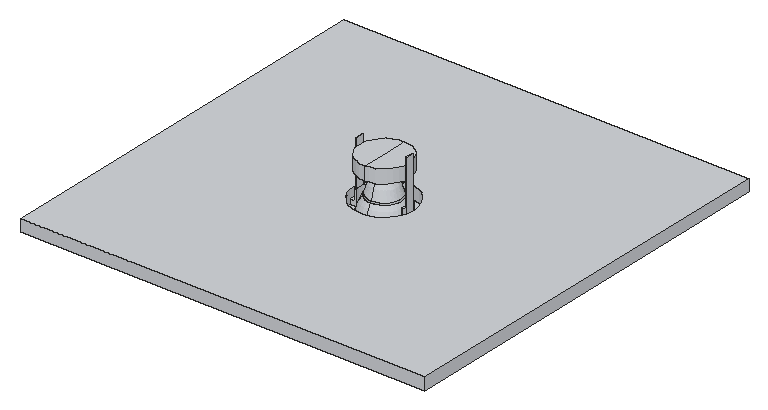
Revit family "Ambiance_X100", category Lighting Fixtures, Revit 2014
Parameters (values of type "Ambiance X100")
  Wattage Comments = "11.7"
  Wattage = 11.7 W
  built-in parameter 1150110 = 1 (stored number, unit not read)
  Type Comments = "Recessed"
  Type = "Ambiance X100"
  built-in parameter 1114217 = 1 (stored number, unit not read)
  built-in parameter 1150109 = 1 (stored number, unit not read)
  built-in parameter 1150134 = (empty or 0)
  built-in parameter 1150113 = 1 (stored number, unit not read)
  O/A Diameter (mm) = "100"
  Model = "Ambiance X100"
  Manufacturer = "Designed Architectural Lighting"
  Luminous flux of luminaire (lm) = "1300"
  Lumens = 1298.7 lm
  built-in parameter 1150115 = 1 (stored number, unit not read)
  built-in parameter 1150105 = 103.35 (stored number, unit not read)
  Light Source Symbol Size = 609.6 mm
  built-in parameter 1150137 = (empty or 0)
  built-in parameter 1150139 = (empty or 0)
  built-in parameter 1150112 = 1 (stored number, unit not read)
  built-in parameter 1150114 = 1 (stored number, unit not read)
  Lamp = "LED"
  built-in parameter 1150132 = (empty or 0)
  built-in parameter 1150102 = (empty or 0)
  built-in parameter 1150138 = (empty or 0)
  built-in parameter 1150107 = 3000 (stored number, unit not read)
  built-in parameter 1150106 = 1.0335 (stored number, unit not read)
  Height (mm) = "90"
  built-in parameter 1150104 = 10.312 (stored number, unit not read)
  Dimming Lamp Color Temperature Shift = <None>
  Description = "Recessed LED downlighter"
  Cut Out (mm) = "90"
  Colour temperature (K) = "2700/3000/3500/4000"
  Color Filter = 16777215
  CRI = "80"
  built-in parameter 1114218 = 1 (stored number, unit not read)
  built-in parameter 1150133 = 10 (stored number, unit not read)
  Apparent Load = 11.7 VA
  Aperture (mm) = "65"
Reference planes
  plane 1 "Light Source Axis (F/B)": y = 0
  plane 2: z = 0
  plane 3 "Light Source Axis (L/R)": x = 0
  plane 4 "Light Source Elevation": z = 0
Forms (mm)
  Extrusion 1, solid
    sketch origin (-38.915, -66.181, 0) x (1, 0, 0) y (0, 1, 0)
      loop
        line (-261.085, 366.181) -> (-261.085, -233.819) -> (338.915, -233.819) -> (338.915, 366.181) -> (-261.085, 366.181)
      loop
        circle (38.915, 66.181) r 45
    from 0 to 18
  Revolve 2, solid
    sketch origin (0, 0, 0) x (0, 1, 0) y (0, 0, 1)
      loop
        line (36.241, 77.71) -> (0, 77.71) -> (0, 57.777) -> (36.241, 57.777) -> (36.241, 77.71)
      axis (0, 77.71) -> (0, 57.777)
    angle from 0 to 360
  Revolve 3, solid
    sketch origin (0, 0, 0) x (0, 1, 0) y (0, 0, 1)
      loop
        line (50, 0) -> (43.735, 0) -> (43.735, 6.649) -> (37.072, 6.649) -> (37.072, 21.887) -> (35.026, 21.887) -> (35.026, -1.916) -> (41.25, -1.916) -> (41.25, -2.962) -> (50, -2.962) -> (50, 0)
      axis (0, 21.887) -> (0, -2.962)
    angle from 0 to 360
  Revolve 4, solid
    sketch origin (0, 0, 0) x (0, 1, 0) y (0, 0, 1)
      loop
        arc (-13.039, 51.701) -> (-19.471, 38.967) -> (-23.685, 25.338) r 85.095
        line (-23.685, 25.338) -> (-24.732, 25.338) -> (-24.732, 22.891) -> (-21.991, 22.891)
        arc (-21.991, 22.891) -> (-17.529, 37.705) -> (-10.932, 51.701) r 104.73
        line (-10.932, 51.701) -> (-13.039, 51.701)
      axis (0, 51.701) -> (0, 22.891)
    angle from 0 to 360
  Revolve 5, solid
    sketch origin (0, 0, 0) x (0, 1, 0) y (0, 0, 1)
      loop
        line (32.517, -0.064) -> (32.517, -2.962) -> (40.897, -2.962) -> (40.897, -1.916) -> (34.162, -1.916) -> (33.89, 0)
        arc (33.89, 0) -> (30.791, 11.942) -> (25.103, 22.891) r 54.884
        line (25.103, 22.891) -> (24.085, 22.891)
        arc (24.085, 22.891) -> (29.871, 12.035) -> (32.416, 0) r 43.879
      axis (0, 22.891) -> (0, -2.962)
    angle from 0 to 360
  Revolve 6, solid
    sketch origin (0, 0, 0) x (0, 1, 0) y (0, 0, 1)
      loop
        line (0, 51.701) -> (20.907, 51.701) -> (20.907, 57.777) -> (0, 57.777) -> (0, 51.701)
      axis (0, 57.777) -> (0, 51.701)
    angle from 0 to 360
  Extrusion 7, void
    sketch origin (0, 0, 0) x (1, 0, 0) y (0, 1, 0)
      loop
        arc (-33.603, 9.882) -> (0, 35.026) -> (33.603, 9.882) r 35.026
        line (33.603, 9.882) -> (43.901, 9.882)
        arc (43.901, 9.882) -> (0, 45.075) -> (-43.901, 9.882) r 44.979
        line (-43.901, 9.882) -> (-33.603, 9.882)
      loop
        line (-33.603, -9.882) -> (-43.901, -9.882)
        arc (-43.901, -9.882) -> (0, -44.8) -> (43.901, -9.882) r 45.057
        line (43.901, -9.882) -> (33.603, -9.882)
        arc (33.603, -9.882) -> (0, -35.026) -> (-33.603, -9.882) r 35.026
    from 0 to 25
  Extrusion 8, solid
    sketch origin (0, 0, 0) x (1, 0, 0) y (0, 1, 0)
      loop
        line (-36.795, 5.639) -> (-38.064, 5.639) -> (-38.064, -5.789) -> (-36.795, -5.789) -> (-36.795, 5.639)
    from 0 to 88.5
  Extrusion 9, solid
    sketch origin (74.854, 0, 0) x (1, 0, 0) y (0, 1, 0)
      loop
        line (-36.795, 5.639) -> (-38.064, 5.639) -> (-38.064, -5.789) -> (-36.795, -5.789) -> (-36.795, 5.639)
    from 0 to 88.5
Cuts and joins
  Extrusion 7 cuts Extrusion 1
  Extrusion 7 cuts Revolve 2
  Extrusion 7 cuts Revolve 3
  Extrusion 7 cuts Revolve 5
Dimensions and locks
  aligned and locked: plane 3 "Light Source Axis (L/R)" to imposter light
  aligned and locked: plane 1 "Light Source Axis (F/B)" to imposter light
  aligned and locked: plane 4 "Light Source Elevation" to imposter light
  aligned and locked: level to plane 2
